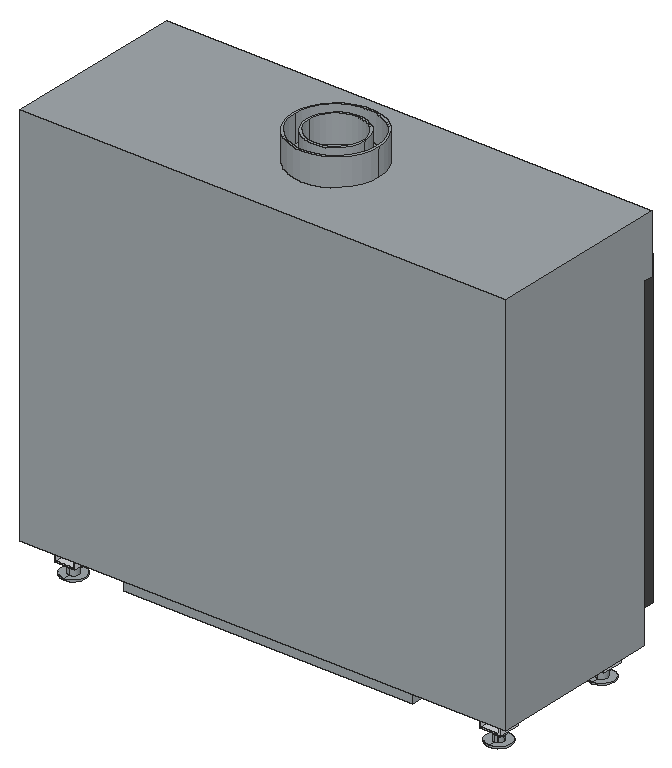
Revit family "METALFIRE_AVENUE_MF_GHE_1S", category Mechanical Equipment, host Wall, Revit 2017
Family settings
  Host = Wall
  Round Connector Dimension = Use Diameter
  Part Type = Normal
  OmniClass Number = 23.75.00.00
  OmniClass Title = Climate Control (HVAC)
  Always vertical = Yes
  Cut with Voids When Loaded = No
  Shared = No
  Room Calculation Point = Yes
Parameters (values of type "1050 x 750 mm")
  WIDTH = 1050 mm
  WEIGHT = 150.00 kg
  URL = "https://www.metalfire.eu"
  TECHNICAL SHEET = "https://www.metalfire.eu/en/products/gas-fireplaces/avenue"
  SMOKE EXHAUST = "Ø130/200 mm"
  PRODUCT SHEET = "https://www.archiproducts.com/en/products/metalfire/gas-closed-fireplace-avenue-gas-fireplace_457058"
  PRODUCT CODE = "MF 1050-75 GHE 1S"
  OVERALL WIDTH = 1178 mm
  OVERALL HEIGHT = 1120 mm
  OVERALL DEPTH = 444 mm
  OUTPUT = 9.5 kW
  Model = "Avenue"
  Manufacturer = "Metalfire"
  MATERIAL DESCRIPTION = "Iron, galvanized steel and vermiculite plates"
  HEIGHT = 740 mm
  FRAME MATERIAL = Iron - Metalfire
  FINISHING MATERIAL = Black painted vermiculite plates - Metalfire
  ENERGY EFFICIENCY CLASS = "A (G20) / B (G30)"
  EFFICIENCY = 87.00%
  Description = "The Avenue represents the gas-fired high efficiency closed fireplaces in the Metalfire range."
  BIM USER MANUAL = "https://img.edilportale.com/bim/METALFIRE-BIM-USER-MANUAL-Metalfire-bim.pdf"
  BIM BADGE = "https://bim.archiproducts.com/en/badge/bim-archiproducts-featured_658700/about"
  BIM AUTHOR = "https://bim.archiproducts.com"
Types (8, lengths in mm): name | WIDTH | WEIGHT | PRODUCT CODE | OVERALL WIDTH | OVERALL HEIGHT | OUTPUT | HEIGHT | ENERGY EFFICIENCY CLASS | EFFICIENCY
  1050 x 750 mm | 1050 | 150.00 kg | "MF 1050-75 GHE 1S" | 1178 | 1120 | 9.5 kW | 740 | "A (G20) / B (G30)" | 87.00%
  800 x 750 mm | 800 | 100.00 kg | "MF 800-75 GHE 1S" | 928 | 1120 | 8.1 kW | 740 | "B" | 84.50%
  900 x 600 mm | 900 | 100.00 kg | "MF 900-60 GHE 1S" | 1028 | 970 | 8.1 kW | 590 | "B" | 84.50%
  1050 x 400 mm | 1050 | 100.00 kg | "MF 1050-40 GHE 1S" | 1178 | 770 | 8.0 kW | 390 | "B" | 84.80%
  1050 x 600 mm | 1050 | 130.00 kg | "MF 1050-60 GHE 1S" | 1178 | 970 | 9.5 kW | 590 | "A (G20) / B (G30)" | 87.00%
  1300 x 400 mm | 1300 | 100.00 kg | "MF 1300-40 GHE 1S" | 1428 | 770 | 8.4 kW | 390 | "B" | 82.00%
  1300 x 600 mm | 1300 | 150.00 kg | "MF 1300-60 GHE 1S" | 1428 | 970 | 9.5 kW | 590 | "A (G20) / B (G30)" | 87.00%
  1600 x 400 mm | 1600 | 150.00 kg | "MF 1600-40 GHE 1S" | 1728 | 770 | 9.5 kW | 390 | "B" | 83.30%
Reference planes
  plane 1 "Wall": y = 0
  plane 2 "Center (Left/Right)": x = 0
  plane 3 "Back": y = 300
  plane 4: x = 525
  plane 5: x = -525
  plane 6: z = 121
  plane 7: z = 861
Forms (mm)
  Extrusion 1, void
    sketch origin (0, 300, 0) x (1, 0, 0) y (0, 0, 1)
      loop
        line (535, 111) -> (535, 871) -> (-535, 871) -> (-535, 111) -> (535, 111)
    from 0 to 70
  Extrusion 2, solid, material "Iron - Metalfire" <- "FRAME MATERIAL", detail levels fine
    sketch origin (0, 300, 0) x (0, -1, 0) y (0, 0, 1)
      loop
        line (70, 1014) -> (70, 871) -> (93, 871) -> (93, 78) -> (514, 78) -> (514, 1014) -> (70, 1014)
    from 535 to 589
  Extrusion 3, solid, material "Iron - Metalfire" <- "FRAME MATERIAL", detail levels fine
    sketch origin (0, 381.083, 0) x (-1, 0, 0) y (0, -1, 0)
      loop
        circle (0, 373.083) r 100
      loop
        circle (0, 373.083) r 105
    from 1014 to 1080
  Extrusion 4, solid, material "Iron - Metalfire" <- "FRAME MATERIAL", detail levels fine
    sketch origin (0, 300, 0) x (-1, 0, 0) y (0, 0, 1)
      loop
        line (-349.5, 46) -> (349.5, 46) -> (349.5, 78) -> (-349.5, 78) -> (-349.5, 46)
    from -112 to -497
  Extrusion 5, solid, material "Black painted vermiculite plates - Metalfire" <- "FINISHING MATERIAL", detail levels medium+fine
    sketch origin (1538.26, 300, 0) x (-1, 0, 0) y (0, 0, 1)
      loop
        line (1003.26, 111) -> (2073.26, 111) -> (2073.26, 871) -> (1003.26, 871) -> (1003.26, 111)
      loop
        line (1013.26, 121) -> (2063.26, 121) -> (2063.26, 861) -> (1013.26, 861) -> (1013.26, 121)
    from 0 to -448
  Extrusion 6, solid, material "Iron - Metalfire" <- "FRAME MATERIAL", detail levels fine
    sketch origin (0, 300, 0) x (0, -1, 0) y (0, 0, -1)
      loop
        line (70, -1014) -> (514, -1014) -> (514, -78) -> (93, -78) -> (93, -871) -> (70, -871) -> (70, -1014)
    from 535 to 589
  Extrusion 7, solid, material "Iron - Metalfire" <- "FRAME MATERIAL", detail levels fine
    sketch origin (0, 300, 0) x (0, -1, 0) y (0, 0, -1)
      loop
        line (70, -1014) -> (514, -1014) -> (514, -78) -> (93, -78) -> (93, -111) -> (448, -111) -> (448, -871) -> (70, -871) -> (70, -1014)
    from -535 to 535
  Extrusion 8, solid, material "Clear Glass - Metalfire", detail levels medium+fine
    sketch origin (0, 300, 0) x (-1, 0, 0) y (0, 0, 1)
      loop
        line (-525, 121) -> (525, 121) -> (525, 861) -> (-525, 861) -> (-525, 121)
    from -98 to -93
  Extrusion 9, solid, material "Black painted vermiculite plates - Metalfire" <- "FINISHING MATERIAL", detail levels medium+fine
    sketch origin (0, 300, 0) x (-1, 0, 0) y (0, 0, 1)
      loop
        line (-525, 121) -> (525, 121) -> (525, 861) -> (-525, 861) -> (-525, 121)
    from -448 to -438
  Extrusion 10, solid, material "Iron - Metalfire" <- "FRAME MATERIAL", detail levels fine
    sketch origin (0, 381.083, 0) x (-1, 0, 0) y (0, -1, 0)
      loop
        circle (0, 373.083) r 65
      loop
        circle (0, 373.083) r 70
    from 1014 to 1080
  Revolve 11, solid, material "Iron - Metalfire" <- "FRAME MATERIAL", detail levels fine
    sketch origin (-516, -544.43, 1200) x (0, -1, 0) y (0, 0, 1)
      loop
        line (-714.93, -1200) -> (-684.93, -1200) -> (-684.93, -1197) -> (-702.93, -1197) -> (-702.93, -1184) -> (-706.93, -1184) -> (-706.93, -1122) -> (-714.93, -1122) -> (-714.93, -1200)
      axis (-714.93, -1122) -> (-714.93, -1200)
    angle from 0 to 360
  Revolve 12, solid, material "Iron - Metalfire" <- "FRAME MATERIAL", detail levels fine
    sketch origin (-516, -230.93, 1200) x (0, -1, 0) y (0, 0, 1)
      loop
        line (-87.93, -1200) -> (-57.93, -1200) -> (-57.93, -1197) -> (-75.93, -1197) -> (-75.93, -1184) -> (-79.93, -1184) -> (-79.93, -1122) -> (-87.93, -1122) -> (-87.93, -1200)
      axis (-87.93, -1122) -> (-87.93, -1200)
    angle from 0 to 360
  Revolve 13, solid, material "Iron - Metalfire" <- "FRAME MATERIAL", detail levels fine
    sketch origin (-516, -544.43, 1200) x (0, -1, 0) y (0, 0, 1)
      loop
        line (-714.93, -1200) -> (-684.93, -1200) -> (-684.93, -1197) -> (-702.93, -1197) -> (-702.93, -1184) -> (-706.93, -1184) -> (-706.93, -1122) -> (-714.93, -1122) -> (-714.93, -1200)
      axis (-714.93, -1122) -> (-714.93, -1200)
    angle from 0 to 360
  Revolve 14, solid, material "Iron - Metalfire" <- "FRAME MATERIAL", detail levels fine
    sketch origin (-516, -230.93, 1200) x (0, -1, 0) y (0, 0, 1)
      loop
        line (-87.93, -1200) -> (-57.93, -1200) -> (-57.93, -1197) -> (-75.93, -1197) -> (-75.93, -1184) -> (-79.93, -1184) -> (-79.93, -1122) -> (-87.93, -1122) -> (-87.93, -1200)
      axis (-87.93, -1122) -> (-87.93, -1200)
    angle from 0 to 360
  Extrusion 15, solid, detail levels fine
    sketch origin (-37, -300, 0) x (-1, 0, 0) y (0, 0, 1)
      loop
        line (457, 78) -> (454, 78) -> (454, 29.8) -> (504, 29.8) -> (504, 78) -> (501, 78) -> (501, 32.8) -> (457, 32.8) -> (457, 78)
    from 131 to 183
  Extrusion 16, solid, detail levels fine
    sketch origin (-37, 261, 0) x (-1, 0, 0) y (0, 0, -1)
      loop
        line (457, -78) -> (457, -32.8) -> (501, -32.8) -> (501, -78) -> (504, -78) -> (504, -29.8) -> (454, -29.8) -> (454, -78) -> (457, -78)
    from 64.5 to 116.5
  Revolve 17, solid, material "Iron - Metalfire" <- "FRAME MATERIAL", detail levels fine
    sketch origin (516, -544.43, 1200) x (0, -1, 0) y (0, 0, -1)
      loop
        line (-714.93, 1200) -> (-714.93, 1122) -> (-706.93, 1122) -> (-706.93, 1184) -> (-702.93, 1184) -> (-702.93, 1197) -> (-684.93, 1197) -> (-684.93, 1200) -> (-714.93, 1200)
      axis (-714.93, 1122) -> (-714.93, 1200)
    angle from 0 to 360
  Revolve 18, solid, material "Iron - Metalfire" <- "FRAME MATERIAL", detail levels fine
    sketch origin (516, -230.93, 1200) x (0, -1, 0) y (0, 0, -1)
      loop
        line (-87.93, 1200) -> (-87.93, 1122) -> (-79.93, 1122) -> (-79.93, 1184) -> (-75.93, 1184) -> (-75.93, 1197) -> (-57.93, 1197) -> (-57.93, 1200) -> (-87.93, 1200)
      axis (-87.93, 1122) -> (-87.93, 1200)
    angle from 0 to 360
  Revolve 19, solid, material "Iron - Metalfire" <- "FRAME MATERIAL", detail levels fine
    sketch origin (516, -544.43, 1200) x (0, -1, 0) y (0, 0, -1)
      loop
        line (-714.93, 1200) -> (-714.93, 1122) -> (-706.93, 1122) -> (-706.93, 1184) -> (-702.93, 1184) -> (-702.93, 1197) -> (-684.93, 1197) -> (-684.93, 1200) -> (-714.93, 1200)
      axis (-714.93, 1122) -> (-714.93, 1200)
    angle from 0 to 360
  Revolve 20, solid, material "Iron - Metalfire" <- "FRAME MATERIAL", detail levels fine
    sketch origin (516, -230.93, 1200) x (0, -1, 0) y (0, 0, -1)
      loop
        line (-87.93, 1200) -> (-87.93, 1122) -> (-79.93, 1122) -> (-79.93, 1184) -> (-75.93, 1184) -> (-75.93, 1197) -> (-57.93, 1197) -> (-57.93, 1200) -> (-87.93, 1200)
      axis (-87.93, 1122) -> (-87.93, 1200)
    angle from 0 to 360
  Extrusion 21, solid, detail levels fine
    sketch origin (37, -300, 0) x (1, 0, 0) y (0, 0, -1)
      loop
        line (457, -78) -> (457, -32.8) -> (501, -32.8) -> (501, -78) -> (504, -78) -> (504, -29.8) -> (454, -29.8) -> (454, -78) -> (457, -78)
    from 131 to 183
  Extrusion 22, solid, detail levels fine
    sketch origin (37, 261, 0) x (1, 0, 0) y (0, 0, 1)
      loop
        line (457, 78) -> (454, 78) -> (454, 29.8) -> (504, 29.8) -> (504, 78) -> (501, 78) -> (501, 32.8) -> (457, 32.8) -> (457, 78)
    from 64.5 to 116.5
  Revolve 23, solid, material "Iron - Metalfire" <- "FRAME MATERIAL", not visible, detail levels fine
    sketch origin (-435, -544.43, 1200) x (0, -1, 0) y (0, 0, 1)
      loop
        line (-714.93, -1200) -> (-684.93, -1200) -> (-684.93, -1197) -> (-702.93, -1197) -> (-702.93, -1184) -> (-706.93, -1184) -> (-706.93, -1122) -> (-714.93, -1122) -> (-714.93, -1200)
      axis (-714.93, -1122) -> (-714.93, -1200)
    angle from 0 to 360
  Revolve 24, solid, material "Iron - Metalfire" <- "FRAME MATERIAL", not visible, detail levels fine
    sketch origin (-435, -230.93, 1200) x (0, -1, 0) y (0, 0, 1)
      loop
        line (-87.93, -1200) -> (-57.93, -1200) -> (-57.93, -1197) -> (-75.93, -1197) -> (-75.93, -1184) -> (-79.93, -1184) -> (-79.93, -1122) -> (-87.93, -1122) -> (-87.93, -1200)
      axis (-87.93, -1122) -> (-87.93, -1200)
    angle from 0 to 360
  Revolve 25, solid, material "Iron - Metalfire" <- "FRAME MATERIAL", not visible, detail levels fine
    sketch origin (-435, -544.43, 1200) x (0, -1, 0) y (0, 0, 1)
      loop
        line (-714.93, -1200) -> (-684.93, -1200) -> (-684.93, -1197) -> (-702.93, -1197) -> (-702.93, -1184) -> (-706.93, -1184) -> (-706.93, -1122) -> (-714.93, -1122) -> (-714.93, -1200)
      axis (-714.93, -1122) -> (-714.93, -1200)
    angle from 0 to 360
  Revolve 26, solid, material "Iron - Metalfire" <- "FRAME MATERIAL", not visible, detail levels fine
    sketch origin (-435, -230.93, 1200) x (0, -1, 0) y (0, 0, 1)
      loop
        line (-87.93, -1200) -> (-57.93, -1200) -> (-57.93, -1197) -> (-75.93, -1197) -> (-75.93, -1184) -> (-79.93, -1184) -> (-79.93, -1122) -> (-87.93, -1122) -> (-87.93, -1200)
      axis (-87.93, -1122) -> (-87.93, -1200)
    angle from 0 to 360
  Extrusion 27, solid, not visible, detail levels fine
    sketch origin (44, -300, 0) x (-1, 0, 0) y (0, 0, 1)
      loop
        line (457, 78) -> (454, 78) -> (454, 29.8) -> (504, 29.8) -> (504, 78) -> (501, 78) -> (501, 32.8) -> (457, 32.8) -> (457, 78)
    from 131 to 183
  Extrusion 28, solid, not visible, detail levels fine
    sketch origin (44, 261, 0) x (-1, 0, 0) y (0, 0, -1)
      loop
        line (457, -78) -> (457, -32.8) -> (501, -32.8) -> (501, -78) -> (504, -78) -> (504, -29.8) -> (454, -29.8) -> (454, -78) -> (457, -78)
    from 64.5 to 116.5
  Revolve 29, solid, material "Iron - Metalfire" <- "FRAME MATERIAL", not visible, detail levels fine
    sketch origin (447, -544.43, 1200) x (0, -1, 0) y (0, 0, -1)
      loop
        line (-714.93, 1200) -> (-714.93, 1122) -> (-706.93, 1122) -> (-706.93, 1184) -> (-702.93, 1184) -> (-702.93, 1197) -> (-684.93, 1197) -> (-684.93, 1200) -> (-714.93, 1200)
      axis (-714.93, 1122) -> (-714.93, 1200)
    angle from 0 to 360
  Revolve 30, solid, material "Iron - Metalfire" <- "FRAME MATERIAL", not visible, detail levels fine
    sketch origin (447, -230.93, 1200) x (0, -1, 0) y (0, 0, -1)
      loop
        line (-87.93, 1200) -> (-87.93, 1122) -> (-79.93, 1122) -> (-79.93, 1184) -> (-75.93, 1184) -> (-75.93, 1197) -> (-57.93, 1197) -> (-57.93, 1200) -> (-87.93, 1200)
      axis (-87.93, 1122) -> (-87.93, 1200)
    angle from 0 to 360
  Revolve 31, solid, material "Iron - Metalfire" <- "FRAME MATERIAL", not visible, detail levels fine
    sketch origin (447, -544.43, 1200) x (0, -1, 0) y (0, 0, -1)
      loop
        line (-714.93, 1200) -> (-714.93, 1122) -> (-706.93, 1122) -> (-706.93, 1184) -> (-702.93, 1184) -> (-702.93, 1197) -> (-684.93, 1197) -> (-684.93, 1200) -> (-714.93, 1200)
      axis (-714.93, 1122) -> (-714.93, 1200)
    angle from 0 to 360
  Revolve 32, solid, material "Iron - Metalfire" <- "FRAME MATERIAL", not visible, detail levels fine
    sketch origin (447, -230.93, 1200) x (0, -1, 0) y (0, 0, -1)
      loop
        line (-87.93, 1200) -> (-87.93, 1122) -> (-79.93, 1122) -> (-79.93, 1184) -> (-75.93, 1184) -> (-75.93, 1197) -> (-57.93, 1197) -> (-57.93, 1200) -> (-87.93, 1200)
      axis (-87.93, 1122) -> (-87.93, 1200)
    angle from 0 to 360
  Extrusion 33, solid, not visible, detail levels fine
    sketch origin (-32, -300, 0) x (1, 0, 0) y (0, 0, -1)
      loop
        line (457, -78) -> (457, -32.8) -> (501, -32.8) -> (501, -78) -> (504, -78) -> (504, -29.8) -> (454, -29.8) -> (454, -78) -> (457, -78)
    from 131 to 183
  Extrusion 34, solid, not visible, detail levels fine
    sketch origin (-32, 261, 0) x (1, 0, 0) y (0, 0, 1)
      loop
        line (457, 78) -> (454, 78) -> (454, 29.8) -> (504, 29.8) -> (504, 78) -> (501, 78) -> (501, 32.8) -> (457, 32.8) -> (457, 78)
    from 64.5 to 116.5
  Extrusion 35, void
    sketch origin (0, 0, 0) x (0, 1, 0) y (0, 0, 1)
      loop
        line (-214, 1080) -> (-214, 0) -> (230, 0) -> (230, 1080) -> (-214, 1080)
    from -589 to 589
Cuts and joins
  joined: Extrusion 2, Extrusion 6, Extrusion 7
Text (mm)
  text "Placement side" at (-1820.995, 1116.779, 0), in view "Ref. Level"
  text "Placement side" at (0, 1334.055, 2976.191), in view "Left"
  text "Placement side" at (0, 439.194, 2944.362), in view "Right"
Dimensions and locks
  locked: plane 3 "Back" to host wall
  equal spacing: plane 5, plane 2 "Center (Left/Right)", plane 4
  "WIDTH": plane 5 to plane 4
  locked: level to plane 6 at 121
  "HEIGHT": plane 6 to plane 7
  locked: plane 7 to Extrusion 3 at 219
  locked: Extrusion 6 sketch curve to plane 7 at 10
  locked: Extrusion 6 sketch curve to plane 7 at 153
  locked: plane 6 to Extrusion 6 sketch curve at 43
  locked: plane 6 to Extrusion 2 sketch curve at 43
  locked: Extrusion 2 sketch curve to plane 7 at 10
  locked: Extrusion 2 sketch curve to plane 7 at 153
  locked: Extrusion 7 sketch curve to plane 7 at 10
  locked: Extrusion 7 sketch curve to plane 7 at 153
  locked: plane 6 to Extrusion 7 sketch curve at 10
  locked: plane 6 to Extrusion 7 sketch curve at 43
  Extrusion 4 to plane 2 "Center (Left/Right)" to Extrusion 4 = 349.5 mm locked, 349.5 mm locked
  locked: Extrusion 22 to plane 4 at 16
  locked: plane 5 to Extrusion 16 at 16
  locked: Extrusion 5 to plane 3 "Back" at 448
  Extrusion 4 to Extrusion 4 to plane 3 "Back" = 385 mm locked, 112 mm locked
  Extrusion 9 to Extrusion 9 to Extrusion 8 to Extrusion 8 to plane 3 "Back" = 10 mm locked, 340 mm locked, 5 mm locked, 93 mm locked
  locked: Extrusion 16 to plane 3 "Back" at 103.5
  locked: Extrusion 22 to plane 3 "Back" at 103.5
  locked: Extrusion 7 sketch curve to plane 3 "Back" at 514
  locked: Extrusion 7 to plane 4 at 10
  locked: plane 5 to Extrusion 7 at 10
  locked: Extrusion 6 to plane 4 at 64
  locked: plane 5 to Extrusion 2 at 64
  locked: Extrusion 3 sketch curve to plane 3 "Back" at 292
  locked: Extrusion 10 sketch curve to plane 3 "Back" at 292
  aligned and locked: plane 1 "Wall" to host wall
  aligned and locked: Extrusion 1 to plane 3 "Back"
  aligned and locked: Extrusion 1 to Extrusion 2  (x2)
  aligned and locked: Extrusion 5 to Extrusion 1
  aligned and locked: Extrusion 1 to Extrusion 5
  aligned and locked: plane 7 to Extrusion 5 sketch curve
  aligned and locked: plane 4 to Extrusion 5 sketch curve
  aligned and locked: Extrusion 5 sketch curve to plane 6
  aligned and locked: Extrusion 5 sketch curve to plane 5
  aligned and locked: plane 7 to Extrusion 8 sketch curve
  aligned and locked: plane 4 to Extrusion 8 sketch curve
  aligned and locked: Extrusion 8 sketch curve to plane 6
  aligned and locked: Extrusion 8 sketch curve to plane 5
  aligned and locked: plane 4 to Extrusion 9
  aligned and locked: Extrusion 9 to plane 5
  aligned and locked: plane 7 to Extrusion 9
  aligned and locked: Extrusion 9 sketch curve to plane 6
  aligned and locked: Extrusion 3 to Extrusion 10  (x2)
  aligned and locked: Extrusion 7 to Extrusion 6
  aligned and locked: Extrusion 7 to Extrusion 2
  aligned and locked: Extrusion 5 to plane 3 "Back"
  aligned and locked: Extrusion 2 sketch curve to Extrusion 6
  aligned and locked: Extrusion 3 to cut or joined group of Extrusion 2, Extrusion 6, Extrusion 7
  aligned and locked: Extrusion 2 sketch curve to cut or joined group of Extrusion 2, Extrusion 6, Extrusion 7
  aligned and locked: Extrusion 6 to Extrusion 2
  aligned and locked: Extrusion 35 sketch curve to Extrusion 3
  aligned and locked: Extrusion 35 sketch curve to cut or joined group of Extrusion 2, Extrusion 6, Extrusion 7  (x2)
  aligned and locked: Extrusion 35 to cut or joined group of Extrusion 2, Extrusion 6, Extrusion 7  (x2)
  aligned and locked: nested 1 to cut or joined group of Extrusion 2, Extrusion 6, Extrusion 7  (x4)
Automatic sketch dimensions
  Extrusion 1 sketch curve to plane 5 = 10 mm
  plane 4 to Extrusion 1 sketch curve = 10 mm
  level to Extrusion 1 sketch curve = 111 mm
  Extrusion 1 sketch curve to Extrusion 1 sketch curve = 760 mm
  Extrusion 3 sketch curve to Extrusion 3 sketch curve = 0 mm  (x2)
  Extrusion 3 sketch curve to plane 2 "Center (Left/Right)" = 0 mm
  level to Extrusion 4 sketch curve = 78 mm
  Extrusion 4 sketch curve to plane 4 = 175.5 mm
  plane 5 to Extrusion 4 sketch curve = 175.5 mm
  Extrusion 4 sketch curve to Extrusion 4 sketch curve = 32 mm
  Extrusion 7 sketch curve to host wall = 70 mm
  Extrusion 7 sketch curve to Extrusion 7 sketch curve = 66 mm
  Extrusion 10 sketch curve to Extrusion 10 sketch curve = 0 mm  (x2)
  Extrusion 10 sketch curve to plane 2 "Center (Left/Right)" = 0 mm
  plane 4 to Extrusion 5 sketch curve = 10 mm
  Extrusion 5 sketch curve to plane 5 = 10 mm
  Extrusion 5 sketch curve to plane 6 = 10 mm
  plane 7 to Extrusion 5 sketch curve = 10 mm
  Extrusion 9 sketch curve to plane 4 = 0 mm
  Extrusion 9 sketch curve to plane 5 = 0 mm
  plane 7 to Extrusion 9 sketch curve = 0 mm
  Extrusion 6 sketch curve to host wall = 70 mm
  Extrusion 6 sketch curve to host wall = 93 mm
  Extrusion 6 sketch curve to host wall = 86 mm
  Revolve 11 sketch curve to Revolve 11 sketch curve = 8 mm
  Revolve 11 sketch curve to Revolve 11 sketch curve = 4 mm
  Revolve 11 sketch curve to Revolve 11 sketch curve = 18 mm
  Revolve 11 sketch curve to Revolve 11 sketch curve = 13 mm
  Revolve 11 sketch curve to Revolve 11 sketch curve = 0 mm
  Revolve 12 sketch curve to Revolve 12 sketch curve = 8 mm
  Revolve 12 sketch curve to Revolve 12 sketch curve = 4 mm
  Revolve 12 sketch curve to Revolve 12 sketch curve = 18 mm
  Revolve 12 sketch curve to Revolve 12 sketch curve = 13 mm
  Revolve 12 sketch curve to Revolve 12 sketch curve = 0 mm
  Revolve 13 sketch curve to Revolve 13 sketch curve = 8 mm
  Revolve 13 sketch curve to Revolve 13 sketch curve = 4 mm
  Revolve 13 sketch curve to Revolve 13 sketch curve = 18 mm
  Revolve 13 sketch curve to Revolve 13 sketch curve = 13 mm
  Revolve 13 sketch curve to Revolve 13 sketch curve = 0 mm
  Revolve 14 sketch curve to Revolve 14 sketch curve = 8 mm
  Revolve 14 sketch curve to Revolve 14 sketch curve = 4 mm
  Revolve 14 sketch curve to Revolve 14 sketch curve = 18 mm
  Revolve 14 sketch curve to Revolve 14 sketch curve = 13 mm
  Revolve 14 sketch curve to Revolve 14 sketch curve = 0 mm
  Extrusion 15 sketch curve to Extrusion 15 sketch curve = 3 mm  (x3)
  Extrusion 16 sketch curve to Extrusion 16 sketch curve = 3 mm  (x3)
  Revolve 17 sketch curve to Revolve 17 sketch curve = 8 mm
  Revolve 17 sketch curve to Revolve 17 sketch curve = 4 mm
  Revolve 17 sketch curve to Revolve 17 sketch curve = 18 mm
  Revolve 17 sketch curve to Revolve 17 sketch curve = 13 mm
  Revolve 17 sketch curve to Revolve 17 sketch curve = 0 mm
  Revolve 17 sketch curve to Revolve 17 sketch curve = 38.099 mm
  Revolve 18 sketch curve to Revolve 18 sketch curve = 8 mm
  Revolve 18 sketch curve to Revolve 18 sketch curve = 4 mm
  Revolve 18 sketch curve to Revolve 18 sketch curve = 18 mm
  Revolve 18 sketch curve to Revolve 18 sketch curve = 13 mm
  Revolve 18 sketch curve to Revolve 18 sketch curve = 0 mm
  Revolve 18 sketch curve to Revolve 18 sketch curve = 38.099 mm
  Revolve 19 sketch curve to Revolve 19 sketch curve = 8 mm
  Revolve 19 sketch curve to Revolve 19 sketch curve = 4 mm
  Revolve 19 sketch curve to Revolve 19 sketch curve = 18 mm
  Revolve 19 sketch curve to Revolve 19 sketch curve = 13 mm
  Revolve 19 sketch curve to Revolve 19 sketch curve = 0 mm
  Revolve 19 sketch curve to Revolve 19 sketch curve = 38.099 mm
  Revolve 20 sketch curve to Revolve 20 sketch curve = 8 mm
  Revolve 20 sketch curve to Revolve 20 sketch curve = 4 mm
  Revolve 20 sketch curve to Revolve 20 sketch curve = 18 mm
  Revolve 20 sketch curve to Revolve 20 sketch curve = 13 mm
  Revolve 20 sketch curve to Revolve 20 sketch curve = 0 mm
  Revolve 20 sketch curve to Revolve 20 sketch curve = 38.099 mm
  Extrusion 21 sketch curve to Extrusion 21 sketch curve = 3 mm  (x3)
  Extrusion 22 sketch curve to Extrusion 22 sketch curve = 3 mm  (x3)
  Revolve 11 sketch curve to Revolve 11 sketch curve = 3 mm
  Revolve 11 sketch curve to Revolve 11 sketch curve = 62 mm
  Revolve 11 sketch curve to Revolve 11 sketch curve = 38.099 mm
  Revolve 11 sketch curve to Revolve 11 sketch curve = 58.901 mm
  Revolve 12 sketch curve to Revolve 12 sketch curve = 3 mm
  Revolve 12 sketch curve to Revolve 12 sketch curve = 62 mm
  Revolve 12 sketch curve to Revolve 12 sketch curve = 38.099 mm
  Revolve 12 sketch curve to Revolve 12 sketch curve = 58.901 mm
  Revolve 13 sketch curve to Revolve 13 sketch curve = 3 mm
  Revolve 13 sketch curve to Revolve 13 sketch curve = 62 mm
  Revolve 13 sketch curve to Revolve 13 sketch curve = 38.099 mm
  Revolve 13 sketch curve to Revolve 13 sketch curve = 58.901 mm
  Revolve 14 sketch curve to Revolve 14 sketch curve = 3 mm
  Revolve 14 sketch curve to Revolve 14 sketch curve = 62 mm
  Revolve 14 sketch curve to Revolve 14 sketch curve = 38.099 mm
  Revolve 14 sketch curve to Revolve 14 sketch curve = 58.901 mm
  Extrusion 15 sketch curve to Extrusion 15 sketch curve = 44 mm
  Extrusion 15 sketch curve to Extrusion 15 sketch curve = 45.2 mm  (x2)
  Extrusion 16 sketch curve to Extrusion 16 sketch curve = 44 mm
  Extrusion 16 sketch curve to Extrusion 16 sketch curve = 0 mm
  Extrusion 16 sketch curve to Extrusion 16 sketch curve = 45.2 mm
  Revolve 17 sketch curve to Revolve 17 sketch curve = 62 mm
  Revolve 17 sketch curve to Revolve 17 sketch curve = 3 mm
  Revolve 17 sketch curve to Revolve 17 sketch curve = 58.901 mm
  Revolve 18 sketch curve to Revolve 18 sketch curve = 62 mm
  Revolve 18 sketch curve to Revolve 18 sketch curve = 3 mm
  Revolve 18 sketch curve to Revolve 18 sketch curve = 58.901 mm
  Revolve 19 sketch curve to Revolve 19 sketch curve = 62 mm
  Revolve 19 sketch curve to Revolve 19 sketch curve = 3 mm
  Revolve 19 sketch curve to Revolve 19 sketch curve = 58.901 mm
  Revolve 20 sketch curve to Revolve 20 sketch curve = 62 mm
  Revolve 20 sketch curve to Revolve 20 sketch curve = 3 mm
  Revolve 20 sketch curve to Revolve 20 sketch curve = 58.901 mm
  Extrusion 21 sketch curve to Extrusion 21 sketch curve = 44 mm
  Extrusion 21 sketch curve to Extrusion 21 sketch curve = 0 mm
  Extrusion 21 sketch curve to Extrusion 21 sketch curve = 45.2 mm
  Extrusion 22 sketch curve to Extrusion 22 sketch curve = 44 mm
  Extrusion 22 sketch curve to Extrusion 22 sketch curve = 45.2 mm  (x2)
  Revolve 23 sketch curve to Revolve 23 sketch curve = 8 mm
  Revolve 23 sketch curve to Revolve 23 sketch curve = 4 mm
  Revolve 23 sketch curve to Revolve 23 sketch curve = 18 mm
  Revolve 23 sketch curve to Revolve 23 sketch curve = 13 mm
  Revolve 23 sketch curve to Revolve 23 sketch curve = 0 mm
  Revolve 24 sketch curve to Revolve 24 sketch curve = 8 mm
  Revolve 24 sketch curve to Revolve 24 sketch curve = 4 mm
  Revolve 24 sketch curve to Revolve 24 sketch curve = 18 mm
  Revolve 24 sketch curve to Revolve 24 sketch curve = 13 mm
  Revolve 24 sketch curve to Revolve 24 sketch curve = 0 mm
  Revolve 25 sketch curve to Revolve 25 sketch curve = 8 mm
  Revolve 25 sketch curve to Revolve 25 sketch curve = 4 mm
  Revolve 25 sketch curve to Revolve 25 sketch curve = 18 mm
  Revolve 25 sketch curve to Revolve 25 sketch curve = 13 mm
  Revolve 25 sketch curve to Revolve 25 sketch curve = 0 mm
  Revolve 26 sketch curve to Revolve 26 sketch curve = 8 mm
  Revolve 26 sketch curve to Revolve 26 sketch curve = 4 mm
  Revolve 26 sketch curve to Revolve 26 sketch curve = 18 mm
  Revolve 26 sketch curve to Revolve 26 sketch curve = 13 mm
  Revolve 26 sketch curve to Revolve 26 sketch curve = 0 mm
  Extrusion 27 sketch curve to Extrusion 27 sketch curve = 3 mm  (x3)
  Extrusion 28 sketch curve to Extrusion 28 sketch curve = 3 mm  (x3)
  Revolve 23 sketch curve to Revolve 23 sketch curve = 3 mm
  Revolve 23 sketch curve to Revolve 23 sketch curve = 62 mm
  Revolve 23 sketch curve to Revolve 23 sketch curve = 38.099 mm
  Revolve 23 sketch curve to Revolve 23 sketch curve = 58.901 mm
  Revolve 24 sketch curve to Revolve 24 sketch curve = 3 mm
  Revolve 24 sketch curve to Revolve 24 sketch curve = 62 mm
  Revolve 24 sketch curve to Revolve 24 sketch curve = 38.099 mm
  Revolve 24 sketch curve to Revolve 24 sketch curve = 58.901 mm
  Revolve 25 sketch curve to Revolve 25 sketch curve = 3 mm
  Revolve 25 sketch curve to Revolve 25 sketch curve = 62 mm
  Revolve 25 sketch curve to Revolve 25 sketch curve = 38.099 mm
  Revolve 25 sketch curve to Revolve 25 sketch curve = 58.901 mm
  Revolve 26 sketch curve to Revolve 26 sketch curve = 3 mm
  Revolve 26 sketch curve to Revolve 26 sketch curve = 62 mm
  Revolve 26 sketch curve to Revolve 26 sketch curve = 38.099 mm
  Revolve 26 sketch curve to Revolve 26 sketch curve = 58.901 mm
  Extrusion 27 sketch curve to Extrusion 27 sketch curve = 44 mm
  Extrusion 27 sketch curve to Extrusion 27 sketch curve = 45.2 mm  (x2)
  Extrusion 28 sketch curve to Extrusion 28 sketch curve = 44 mm
  Extrusion 28 sketch curve to Extrusion 28 sketch curve = 0 mm
  Extrusion 28 sketch curve to Extrusion 28 sketch curve = 45.2 mm
  Revolve 29 sketch curve to Revolve 29 sketch curve = 8 mm
  Revolve 29 sketch curve to Revolve 29 sketch curve = 4 mm
  Revolve 29 sketch curve to Revolve 29 sketch curve = 18 mm
  Revolve 29 sketch curve to Revolve 29 sketch curve = 13 mm
  Revolve 29 sketch curve to Revolve 29 sketch curve = 0 mm
  Revolve 29 sketch curve to Revolve 29 sketch curve = 38.099 mm
  Revolve 30 sketch curve to Revolve 30 sketch curve = 8 mm
  Revolve 30 sketch curve to Revolve 30 sketch curve = 4 mm
  Revolve 30 sketch curve to Revolve 30 sketch curve = 18 mm
  Revolve 30 sketch curve to Revolve 30 sketch curve = 13 mm
  Revolve 30 sketch curve to Revolve 30 sketch curve = 0 mm
  Revolve 30 sketch curve to Revolve 30 sketch curve = 38.099 mm
  Revolve 31 sketch curve to Revolve 31 sketch curve = 8 mm
  Revolve 31 sketch curve to Revolve 31 sketch curve = 4 mm
  Revolve 31 sketch curve to Revolve 31 sketch curve = 18 mm
  Revolve 31 sketch curve to Revolve 31 sketch curve = 13 mm
  Revolve 31 sketch curve to Revolve 31 sketch curve = 0 mm
  Revolve 31 sketch curve to Revolve 31 sketch curve = 38.099 mm
  Revolve 32 sketch curve to Revolve 32 sketch curve = 8 mm
  Revolve 32 sketch curve to Revolve 32 sketch curve = 4 mm
  Revolve 32 sketch curve to Revolve 32 sketch curve = 18 mm
  Revolve 32 sketch curve to Revolve 32 sketch curve = 13 mm
  Revolve 32 sketch curve to Revolve 32 sketch curve = 0 mm
  Revolve 32 sketch curve to Revolve 32 sketch curve = 38.099 mm
  Extrusion 33 sketch curve to Extrusion 33 sketch curve = 3 mm  (x3)
  Extrusion 34 sketch curve to Extrusion 34 sketch curve = 3 mm  (x3)
  Revolve 29 sketch curve to Revolve 29 sketch curve = 62 mm
  Revolve 29 sketch curve to Revolve 29 sketch curve = 3 mm
  Revolve 29 sketch curve to Revolve 29 sketch curve = 58.901 mm
  Revolve 30 sketch curve to Revolve 30 sketch curve = 62 mm
  Revolve 30 sketch curve to Revolve 30 sketch curve = 3 mm
  Revolve 30 sketch curve to Revolve 30 sketch curve = 58.901 mm
  Revolve 31 sketch curve to Revolve 31 sketch curve = 62 mm
  Revolve 31 sketch curve to Revolve 31 sketch curve = 3 mm
  Revolve 31 sketch curve to Revolve 31 sketch curve = 58.901 mm
  Revolve 32 sketch curve to Revolve 32 sketch curve = 62 mm
  Revolve 32 sketch curve to Revolve 32 sketch curve = 3 mm
  Revolve 32 sketch curve to Revolve 32 sketch curve = 58.901 mm
  Extrusion 33 sketch curve to Extrusion 33 sketch curve = 44 mm
  Extrusion 33 sketch curve to Extrusion 33 sketch curve = 0 mm
  Extrusion 33 sketch curve to Extrusion 33 sketch curve = 45.2 mm
  Extrusion 34 sketch curve to Extrusion 34 sketch curve = 44 mm
  Extrusion 34 sketch curve to Extrusion 34 sketch curve = 45.2 mm  (x2)
  Extrusion 7 sketch curve to host wall = 93 mm
  Extrusion 2 sketch curve to host wall = 93 mm
  Extrusion 35 sketch curve to level = 0 mm
  radius of Extrusion 3 sketch curve = 100 mm
  radius of Extrusion 3 sketch curve = 105 mm
  radius of Extrusion 10 sketch curve = 65 mm
  radius of Extrusion 10 sketch curve = 70 mm
Nested families
  nested 1: "FIREPLACE_SYMBOL_detail item" at (0, 8, 0), type "FIREPLACE_SYMBOL_detail item", detail levels coarse
    with WIDTH 1178 mm, HEIGHT 444 mm
Connectors
  piping at (0, 8, 1080), diameter 130
    settings: on Extrusion 10, index 1, connector inside diameter 609.6 mm, connector length 0 mm, flow factor 0, pipe flow 0.0 L/s, pressure drop 0.0 Pa, fitting loss kfactor 0, connector angle 0.00°, fixture units 0, engagement length 0 mm, angle of deflection 0.00°, flow configuration 0, flow direction 2, fitting loss method 0, system type 22, joint type 0, gender type 0, connector reference index -1, connector utility 0, adjustable connector no, is connector primary yes, connector description ""
Definition of nested family "FIREPLACE_SYMBOL_detail item"
  Parameters (values of type "FIREPLACE_SYMBOL_detail item")
    WIDTH [instance] = 500 mm
    HEIGHT [instance] = 500 mm
  Reference planes
    plane 1 "Center (Front/Back)": y = 0
    plane 2: z = 0
    plane 3 "Center (Left/Right)": x = 0
    plane 4: x = 250
    plane 5: x = -250
    plane 6: y = 250
    plane 7: y = -250
  Lines and regions (mm)
    Filled region 1, type "Concrete", in view "Ref. Level"
      outline origin (-246.617, 90, 0) x (1, 0, 0) y (0, 1, 0)
        loop
          line (-3.383, -340) -> (496.617, -340) -> (496.617, 160) -> (-3.383, -340)
    detail lines, in view "Ref. Level"
      curve 1: line (-250, 250, 0) -> (250, 250, 0)
      curve 2: line (-250, -250, 0) -> (-250, 250, 0)
      curve 3: line (250, -250, 0) -> (-250, -250, 0)
      curve 4: line (250, 250, 0) -> (250, -250, 0)
  Dimensions and locks
    equal spacing: plane 5, plane 3 "Center (Left/Right)", plane 4
    equal spacing: plane 7, plane 1 "Center (Front/Back)", plane 6
    "WIDTH": plane 5 to plane 4
    "HEIGHT": plane 7 to plane 6
    aligned and locked: plane 6 to curve 1
    aligned and locked: plane 5 to curve 2
    aligned and locked: curve 3 to plane 7
    aligned and locked: curve 4 to plane 4
    aligned and locked: plane 6 to Filled region 1 sketch curve
    aligned and locked: plane 5 to Filled region 1 sketch curve
    aligned and locked: Filled region 1 sketch curve to plane 4
    aligned and locked: plane 7 to Filled region 1 sketch curve
